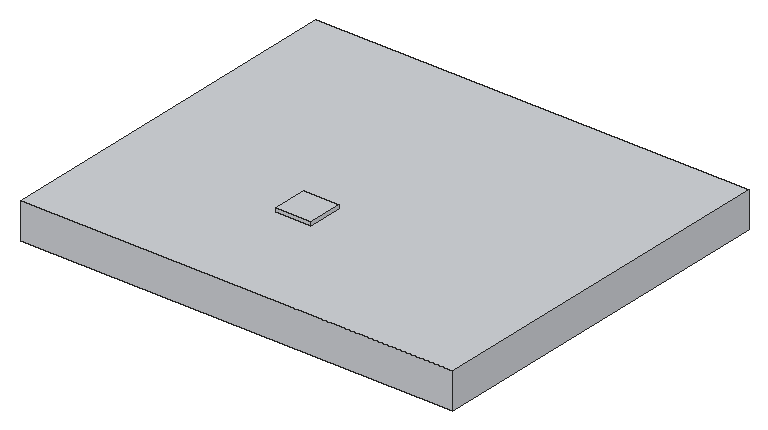
Revit family
Parameters
  TypicalJointSize = 0' - 0 1/4"
  Width = 1' - 0"
  URL = "www.coldspringgranite.com"
  StoneMaterial = none
  SettingSpace = SettingBed + Height  # 0' - 2"
  SettingBed = 0' - 0 13/16"
  Product Name = "Paving Stone Panels in Rectangular Shape"
  Product Documentation Link = "http://www.coldspringgranite.com/BIM_Families/Family_Detail/Paving_Stone_Panels_in_Rectangular_Shape/"
  PhoneNumber = "800-551-7502"
  Notes = ""
  Model = "N/A"
  Manufacturer = "Cold Spring Granite Company"
  Low Emitting Material = yes
  Low Emitting Finish = yes
  Location = "17482 Granite West Road, Cold Spring, MN 56320-4578"
  Length = 1' - 0"
  LEED Credit = ""
  Keynote = "096340"
  JointTopOff = no
  JointTop = if(JointTopOff, 0' 0", TypicalJointSize / 2)  # 0' - 0 1/8"
  JointRightOff = no
  JointRight = if(JointRightOff, 0' 0", TypicalJointSize / 2)  # 0' - 0 1/8"
  JointLeftOff = no
  JointLeft = if(JointLeftOff, 0' 0", TypicalJointSize / 2)  # 0' - 0 1/8"
  JointBottomOff = no
  JointBottom = if(JointBottomOff, 0' 0", TypicalJointSize / 2)  # 0' - 0 1/8"
  Height = 0' - 1 3/16"
  Description = "Stone Floor Paving"
  Default Elevation = 0' - 0"
  Assembly Code = "C3020800"
  ADA Compliant = yes
Reference planes (in)
  plane 1 "Center (Front/Back)": y = 0
  plane 2: z = 0
  plane 3 "Center (Left/Right)": x = 0
  plane 4 "JointTopCenter": y = 12
  plane 5 "StoneRight": x = 11.875
  plane 6 "StoneTop": y = 11.875
  plane 7 "StoneLeft": x = 0.125
  plane 8 "StoneBottom": y = 0.125
  plane 9 "JointRightCenter": x = 12
  plane 10 "StoneFace": z = 2
  plane 11 "StoneBack": z = 0.8125
Forms (in)
  Extrusion 1, solid
    sketch origin (0, 0, 0) x (1, 0, 0) y (0, 1, 0)
      loop
        line (-56.5, 87.5) -> (-56.5, -35.87706) -> (88.18322, -35.87706) -> (88.18322, 87.5) -> (-56.5, 87.5)
    from 0 to -12
  Extrusion 2, solid, material <- "StoneMaterial", detail levels medium+fine
    sketch origin (0.625, 0, 0) x (1, 0, 0) y (0, 1, 0)
      loop
        line (-0.5, 11.875) -> (-0.5, 0.125) -> (11.25, 0.125) -> (11.25, 11.875) -> (-0.5, 11.875)
    from 0.8125 to 2
  Extrusion 3, solid, material <- "StoneMaterial", detail levels coarse
    sketch origin (0, 0, 0) x (1, 0, 0) y (0, 1, 0)
      loop
        line (0, 12) -> (0, 0) -> (12, 0) -> (12, 12) -> (0, 12)
    from 0 to 2
Lines and regions (in)
  Masking region 1, detail levels coarse
    outline origin (0, 0, 2) x (1, 0, 0) y (0, 1, 0)
      loop
        line (0, 12) -> (0, 0) -> (12, 0) -> (12, 12) -> (0, 12)
  Masking region 2, detail levels medium+fine
    outline origin (0, 0, 2) x (1, 0, 0) y (0, 1, 0)
      loop
        line (0.125, 11.875) -> (0.125, 0.125) -> (11.875, 0.125) -> (11.875, 11.875) -> (0.125, 11.875)
  Masking region 3, detail levels coarse
    outline origin (0, 11.875, 0) x (-1, 0, 0) y (0, 0, 1)
      loop
        line (-12, 2) -> (-12, 0) -> (0, 0) -> (0, 2) -> (-12, 2)
  Masking region 4, detail levels medium+fine
    outline origin (0, 11.875, 0) x (-1, 0, 0) y (0, 0, 1)
      loop
        line (-11.875, 2) -> (-11.875, 0.8125) -> (-0.125, 0.8125) -> (-0.125, 2) -> (-11.875, 2)
  Masking region 5, detail levels coarse
    outline origin (11.875, 0, 0) x (0, 1, 0) y (0, 0, 1)
      loop
        line (0, 2) -> (0, 0) -> (12, 0) -> (12, 2) -> (0, 2)
  Masking region 6, detail levels medium+fine
    outline origin (11.875, 0, 0) x (0, 1, 0) y (0, 0, 1)
      loop
        line (0.125, 2) -> (0.125, 0.8125) -> (11.875, 0.8125) -> (11.875, 2) -> (0.125, 2)
Dimensions and locks (in)
  "Width": plane 1 "Center (Front/Back)" to plane 4 "JointTopCenter"
  "Length": plane 3 "Center (Left/Right)" to plane 9 "JointRightCenter"
  "Height": plane 11 "StoneBack" to plane 10 "StoneFace"
  "SettingSpace": plane 2 to plane 10 "StoneFace"
  "JointBottom": plane 1 "Center (Front/Back)" to plane 8 "StoneBottom"
  "JointTop": plane 4 "JointTopCenter" to plane 6 "StoneTop"
  "JointLeft": plane 3 "Center (Left/Right)" to plane 7 "StoneLeft"
  "JointRight": plane 5 "StoneRight" to plane 9 "JointRightCenter"
  aligned and locked: Extrusion 1 to plane 2
  aligned and locked: Extrusion 1 to level
  aligned and locked: plane 6 "StoneTop" to Extrusion 2
  aligned and locked: Extrusion 2 to plane 7 "StoneLeft"
  aligned and locked: plane 8 "StoneBottom" to Extrusion 2
  aligned and locked: plane 5 "StoneRight" to Extrusion 2
  aligned and locked: plane 10 "StoneFace" to Extrusion 2
  aligned and locked: Extrusion 2 to plane 11 "StoneBack"
  aligned and locked: plane 4 "JointTopCenter" to Extrusion 3
  aligned and locked: Extrusion 3 to plane 3 "Center (Left/Right)"
  aligned and locked: plane 1 "Center (Front/Back)" to Extrusion 3
  aligned and locked: plane 9 "JointRightCenter" to Extrusion 3
  aligned and locked: plane 10 "StoneFace" to Extrusion 3
  aligned and locked: Masking region 1 sketch curve to plane 4 "JointTopCenter"
  aligned and locked: plane 3 "Center (Left/Right)" to Masking region 1 sketch curve
  aligned and locked: Masking region 1 sketch curve to plane 1 "Center (Front/Back)"
  aligned and locked: Masking region 1 sketch curve to plane 9 "JointRightCenter"
  aligned and locked: Masking region 2 sketch curve to plane 6 "StoneTop"
  aligned and locked: plane 7 "StoneLeft" to Masking region 2 sketch curve
  aligned and locked: Masking region 2 sketch curve to plane 8 "StoneBottom"
  aligned and locked: Masking region 2 sketch curve to plane 5 "StoneRight"
  aligned and locked: Masking region 3 sketch curve to plane 10 "StoneFace"
  aligned and locked: plane 3 "Center (Left/Right)" to Masking region 3 sketch curve
  aligned and locked: plane 2 to Masking region 3 sketch curve
  aligned and locked: Masking region 3 sketch curve to plane 9 "JointRightCenter"
  aligned and locked: Masking region 4 sketch curve to plane 10 "StoneFace"
  aligned and locked: Masking region 4 sketch curve to plane 5 "StoneRight"
  aligned and locked: plane 7 "StoneLeft" to Masking region 4 sketch curve
  aligned and locked: plane 11 "StoneBack" to Masking region 4 sketch curve
  aligned and locked: Masking region 5 sketch curve to plane 10 "StoneFace"
  aligned and locked: Masking region 5 sketch curve to plane 1 "Center (Front/Back)"
  aligned and locked: Masking region 5 sketch curve to plane 4 "JointTopCenter"
  aligned and locked: plane 2 to Masking region 5 sketch curve
  aligned and locked: Masking region 6 sketch curve to plane 10 "StoneFace"
  aligned and locked: Masking region 6 sketch curve to plane 8 "StoneBottom"
  aligned and locked: Masking region 6 sketch curve to plane 6 "StoneTop"
  aligned and locked: plane 11 "StoneBack" to Masking region 6 sketch curve
  aligned and locked: Extrusion 3 to plane 2
Automatic sketch dimensions
  Extrusion 1 sketch curve to Extrusion 1 sketch curve = 12' - 0.68322"
  Extrusion 1 sketch curve to Extrusion 1 sketch curve = 10' - 3.37706"
  plane 7 "StoneLeft" to Extrusion 2 sketch curve = 0' - 0"
  plane 5 "StoneRight" to Extrusion 2 sketch curve = 0' - 0"
  plane 8 "StoneBottom" to Extrusion 2 sketch curve = 0' - 0"
  plane 6 "StoneTop" to Extrusion 2 sketch curve = 0' - 0"
  Extrusion 3 sketch curve to plane 7 "StoneLeft" = 0' - 0 1/8"
  plane 5 "StoneRight" to Extrusion 3 sketch curve = 0' - 0 1/8"
  plane 8 "StoneBottom" to Extrusion 3 sketch curve = 0' - 0 1/8"
  plane 6 "StoneTop" to Extrusion 3 sketch curve = 0' - 0 1/8"
Nested families (in)
  nested 1: "CopyRight" at (0, 0, 2), type "CopyRight"
Definition of nested family "CopyRight"
  Parameters (values of type "CopyRight")
    CopyRight = "Cold Spring Granite Company"
  Reference planes (in)
    plane 1: z = 0
